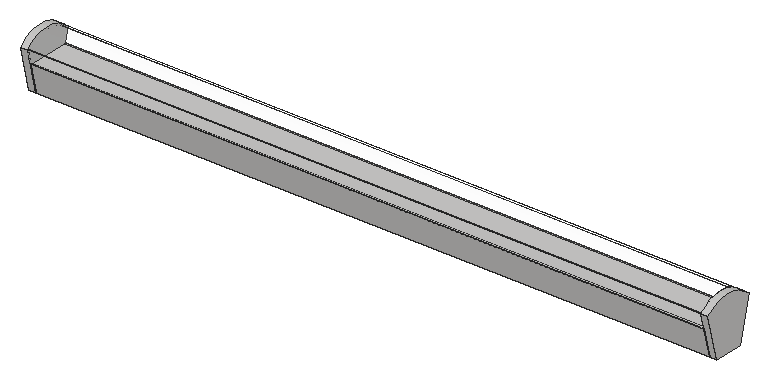
Revit family "67L-S-Bell", category Lighting Fixtures, host Face, Revit 2014
Parameters (values of type "Note 67L-Textured Matte White")
  Width = 48.000"
  Watts = 4.5 W
  Wattage Comments = "550 to 1800 lumens/ft"  # constant formula
  Wattage = 4.5 W
  built-in parameter 1150110 = 1 (stored number, unit not read)
  Voltage = 120 V
  URL = "https://www.hubbell.com/litecontrol/en/"
  Type Comments = "Lighting Fixture"  # constant formula
  built-in parameter 1114217 = 1 (stored number, unit not read)
  Tilt Angle = -90.00°
  built-in parameter 1150109 = 1 (stored number, unit not read)
  built-in parameter 1150134 = (empty or 0)
  built-in parameter 1150113 = 1 (stored number, unit not read)
  Reflector Finish = Hubbell - White Glass
  Product Page URL = "https://www.hubbell.com/hubbell/en/c/NOTE-67L-S-D/p/1983153"
  Product Material = Paint - Hubbell - Textured Matte White
  Product Documentation Link = "https://hubbellcdn.com/specsheet/67L-S-D.pdf"
  Power Factor = 1
  Photometric Web File = "67L-S-D-4-4-BL-C1-35K-D055.IES"
  Photometric Notes = "Photometric web files Download in below link"  # constant formula
  Photometric Link = "https://resources.hubbelllighting.com/hubbelllightingci/photometry/?p=LITECONTROL/Surface/67L-S-D/BELL/"
  Model = "67L-S-Bell"  # constant formula
  Manufacturer = "Litecontrol"  # constant formula
  built-in parameter 1150105 = 43.33 (stored number, unit not read)
  Lumens = 544.5 lm
  built-in parameter 1150115 = 1 (stored number, unit not read)
  Load Classification = Lighting
  built-in parameter 1150137 = (empty or 0)
  built-in parameter 1150139 = (empty or 0)
  built-in parameter 1150112 = 1 (stored number, unit not read)
  built-in parameter 1150114 = 1 (stored number, unit not read)
  Lamp = "LED"  # constant formula
  built-in parameter 1150132 = (empty or 0)
  built-in parameter 1150102 = (empty or 0)
  built-in parameter 1150107 = 3500 (stored number, unit not read)
  built-in parameter 1150138 = (empty or 0)
  built-in parameter 1150106 = 0.4333 (stored number, unit not read)
  Frequency = 60 Hz  # constant formula
  Emit from Rectangle Width = 2.000"
  Emit from Rectangle Length = (Width - 1.000")  # 47.000"
  Emit Shape Visible in Rendering = no
  built-in parameter 1150104 = 11.241 (stored number, unit not read)
  Dimming Lamp Color Temperature Shift = <None>
  Description = "The NOTE 67L Surface brings direct illumination, performance and versatility, all within a slim profile and a fresh, contemporary style"  # constant formula
  Default Elevation = 48.000"
  Create Date = "03/21/2018"  # constant formula
  Contact Us = "https://www.hubbell.com/litecontrol/en/contactUs"
  Color Filter = 16777215
  built-in parameter 1114218 = 1 (stored number, unit not read)
  built-in parameter 1150133 = 10 (stored number, unit not read)
  Assembly Code = "D5020200"
  Apparent Load = 0 VA
Types (7): name | Product Material
  (no name) | Paint - Hubbell - Textured Matte White
  Note 67L-Textured Matte White | Paint - Hubbell - Textured Matte White
  Note 67L-Matte White | Paint - Hubbell - Matte White
  Note 67L-Light Silver | Paint - Hubbell - Light Silver
  Note 67L-Machined Aluminium | Paint - Hubbell - Machined Aluminum
  Note 67L-Carbon Black | Paint - Hubbell - Carbon Black
  Note 67L-Textured Camera Black | Paint - Hubbell - Textured Camera Black
Reference planes (in)
  plane 1 "Center (Front/Back)": y = 0
  plane 2: z = 0
  plane 3 "Center (Left/Right)": x = 0
  plane 4: z = 2.5
Dimensions and locks (in)
  plane 4 to host face = 2.500"
  aligned and locked: plane 2 to host face
  aligned and locked: level to host face
  aligned and locked: imposter light to plane 4
  aligned and locked: plane 3 "Center (Left/Right)" to nested 1
  aligned and locked: plane 1 "Center (Front/Back)" to nested 1
Nested families (in)
  nested 1: "Bell Light" at (2.04767, -0.03999, 0), Glass <- "Reflector Finish", Backbox <- "Product Material", Row Length <- "Width", type "Bell Light"
    with Row Length 48.000", Glass Hubbell - White Glass, Backbox Paint - Hubbell - Textured Matte White
Connectors (in)
  electrical at (0, 0.00195, 0), driven by "Load Classification", driven by "Voltage", driven by "Apparent Load", driven by "Power Factor"
    settings: on nested 1, index 1, voltage 120 V, apparent load 0 VA, apparent load phase1 0 VA, apparent load phase2 0 VA, apparent load phase3 0 VA, power factor 1, load classification "Lighting", number of poles 1, system type 30, power factor state 1, is connector primary yes, connector utility no, sub classification motor no, connector description "Lighting Connector"
Definition of nested family "Bell Light"
  Parameters (values of type "Bell Light")
    Wattage Comments = ""
    URL = ""
    Row Length [instance] = 24.000"
    Product Page URL = ""
    Product Documentation Link = ""
    Model = ""
    Manufacturer Phone = ""
    Manufacturer Fax = ""
    Manufacturer = ""
    Lamp = ""
    Glass [instance] = none
    Description = ""
    Default Elevation = 48.000"
    Backbox [instance] = none
  Reference planes (in)
    plane 1 "Center (Front/Back)": y = 0.03999
    plane 2: z = 0
    plane 3 "Center (Left/Right)": x = -2.04767
    plane 4: x = -14.04767
    plane 5: x = 9.95233
    plane 6: x = -13.54767
    plane 7: x = 9.45233
    plane 8: z = 3.7
    plane 9: y = -1.71001
    plane 10: y = 1.78999
    plane 11: z = 2
    plane 12: y = -0.96001
    plane 13: y = 1.03999
  Forms (in)
    Extrusion 1, solid
      sketch origin (0, 0, 0.06357) x (1, 0, 0) y (0, 1, 0)
        loop
          line (-48, 48) -> (-48, -48) -> (48, -48) -> (48, 48) -> (-48, 48)
      from -0.06357 to -6.06357
    Extrusion 2, solid, material <- "Backbox"
      sketch origin (-2.04767, 0, 0) x (0, 1, 0) y (0, 0, 1)
        loop
          line (-0.96001, 0) -> (1.0439, 0) -> (1.78999, 2.98437)
          arc (1.78999, 2.98437) -> (0.04194, 3.7) -> (-1.7061, 2.98437) r 2.49278
          line (-1.7061, 2.98437) -> (-0.96001, 0)
      from 11.5 to 12
    Extrusion 3, solid, material <- "Backbox"
      sketch origin (-2.04767, 0, 0) x (0, 1, 0) y (0, 0, 1)
        loop
          line (-0.96001, 0) -> (1.0439, 0) -> (1.78999, 2.98437)
          arc (1.78999, 2.98437) -> (0.04194, 3.7) -> (-1.7061, 2.98437) r 2.49278
          line (-1.7061, 2.98437) -> (-0.96001, 0)
      from -11.5 to -12
    Extrusion 4, solid, material <- "Glass"
      sketch origin (-2.04767, 0, 0) x (0, 1, 0) y (0, 0, 1)
        loop
          line (1.5439, 2) -> (1.78999, 2.98437)
          arc (1.78999, 2.98437) -> (0.04194, 3.7) -> (-1.7061, 2.98437) r 2.49278
          line (-1.7061, 2.98437) -> (-1.46001, 2) -> (-1.33116, 2) -> (-1.56721, 2.94418)
          arc (-1.56721, 2.94418) -> (0.04194, 3.575) -> (1.65109, 2.94418) r 2.36778
          line (1.65109, 2.94418) -> (1.41505, 2) -> (1.5439, 2)
      from -11.5 to 11.5
    Extrusion 5, solid, material <- "Backbox"
      sketch origin (-2.04767, 0, 0) x (0, 1, 0) y (0, 0, 1)
        loop
          line (-0.96001, 0) -> (1.0439, 0) -> (1.5439, 2) -> (-1.46001, 2) -> (-0.96001, 0)
      from -11.5 to 11.5
  Dimensions and locks (in)
    equal spacing: plane 5, plane 3 "Center (Left/Right)", plane 4
    plane 6 to plane 4 = 0.500"
    "Row Length": plane 5 to plane 4
    equal spacing: plane 7, plane 3 "Center (Left/Right)", plane 6
    locked: plane 8 to Extrusion 1 at 3.7
    locked: plane 1 "Center (Front/Back)" to plane 9 at 1.75
    locked: plane 10 to plane 9 at 3.5
    locked: plane 13 to plane 12 at 2
    aligned and locked: plane 2 to Extrusion 1
    aligned and locked: level to Extrusion 1
    aligned and locked: plane 5 to Extrusion 2
    aligned and locked: Extrusion 2 to plane 7
    aligned and locked: plane 7 to Extrusion 5
    aligned and locked: Extrusion 5 to plane 6
    aligned and locked: Extrusion 3 to plane 4
    aligned and locked: plane 6 to Extrusion 3
    aligned and locked: Extrusion 5 sketch curve to level
    aligned and locked: Extrusion 5 to Extrusion 3 sketch curve
    aligned and locked: Extrusion 2 sketch curve to Extrusion 3  (x2)
    aligned and locked: Extrusion 4 to plane 6
    aligned and locked: plane 7 to Extrusion 4
    aligned and locked: Extrusion 3 to Extrusion 2 sketch curve
    aligned and locked: Extrusion 2 to Extrusion 5
    aligned and locked: Extrusion 5 to Extrusion 2
    aligned and locked: plane 11 to Extrusion 5
    aligned and locked: Extrusion 3 to Extrusion 4 sketch curve
    aligned and locked: Extrusion 4 sketch curve to Extrusion 3  (x2)
  Automatic sketch dimensions
    Extrusion 1 sketch curve to Extrusion 1 sketch curve = 96.000"  (x2)
    Extrusion 2 sketch curve to plane 10 = 0.74609"
    Extrusion 5 sketch curve to plane 9 = 0.250"
    Extrusion 5 sketch curve to plane 9 = 0.750"
    Extrusion 5 sketch curve to plane 10 = 0.74609"
    Extrusion 5 sketch curve to plane 10 = 0.24609"
    Extrusion 5 sketch curve to plane 8 = 1.700"
    plane 11 to Extrusion 4 sketch curve = 0.000"  (x2)
    Extrusion 4 sketch curve to Extrusion 4 sketch curve = 0.12885"  (x2)
    Extrusion 4 sketch curve to plane 10 = 0.1389"
    Extrusion 3 sketch curve to plane 10 = 0.000"
    Extrusion 3 sketch curve to plane 10 = 0.74609"
    Extrusion 3 sketch curve to plane 1 "Center (Front/Back)" = 0.00195"
    Extrusion 3 sketch curve to plane 9 = 0.750"
    Extrusion 3 sketch curve to plane 9 = 0.00391"
    plane 11 to Extrusion 3 sketch curve = 0.79277"
    Extrusion 3 sketch curve to plane 8 = 0.71562"
    Extrusion 2 sketch curve to plane 10 = 0.000"
    Extrusion 4 sketch curve to Extrusion 4 sketch curve = 0.0402"  (x2)
    Extrusion 4 sketch curve to Extrusion 4 sketch curve = 0.000"  (x2)
